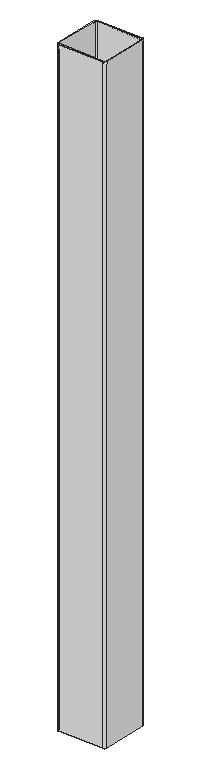
Revit family "SHS-Square Hollow Section-Column", category 구조 기둥, Revit 2026
Family settings
  단면 모양 = 정의되지 않음
  모델 동작 재료 = 스틸
  항상 형상으로 내보내기 = 아니오
  평면의 보 전환 = 경계 상자에서
  로드될 때 보이드를 사용하여 절단 = 아니오
  기호 표현 = 프로젝트 설정에서
  공유 = 아니오
  평면도에서 미리 절단된 패밀리 표시 = 예
Parameters (values of type "200x200xSHS")
  Structural Material [instance] = Metal - Steel - 345 MPa
  A = 38.70 m²
  Ix = 0
  M = 30.4
  Zx = 0
  b = 200 mm
  h = 200 mm
  tr = 2 * t  # 10 mm
  t = 5 mm
Reference planes
  plane 1 "Center (Front/Back)": y = 0
  plane 2: z = 0
  plane 3 "Center (Left/Right)": x = 0
  plane 4: x = -100
  plane 5: x = 100
  plane 6: y = 100
  plane 7: y = -100
  plane 8: x = -90
  plane 9: y = -90
  plane 10: y = 90
  plane 11: x = 90
Forms (mm)
  Extrusion 1, solid, material "Metal - Steel - 345 MPa" <- "Structural Material", detail levels medium
    sketch origin (0, 0, 0) x (1, 0, 0) y (0, 1, 0)
      loop
        line (-100, 100) -> (-100, -100) -> (100, -100) -> (100, 100) -> (-100, 100)
      loop
        line (-95, 95) -> (-95, -95) -> (95, -95) -> (95, 95) -> (-95, 95)
    from 0 to 2500
  Extrusion 2, solid, material "Metal - Steel - 345 MPa" <- "Structural Material", detail levels fine
    sketch origin (0, 0, 0) x (1, 0, 0) y (0, 1, 0)
      loop
        arc (-90, 100) -> (-97.071, 97.071) -> (-100, 90) r 10
        line (-100, 90) -> (-100, -90)
        arc (-100, -90) -> (-97.071, -97.071) -> (-90, -100) r 10
        line (-90, -100) -> (90, -100)
        arc (90, -100) -> (97.071, -97.071) -> (100, -90) r 10
        line (100, -90) -> (100, 90)
        arc (100, 90) -> (97.071, 97.071) -> (90, 100) r 10
        line (90, 100) -> (-90, 100)
      loop
        arc (-90, 95) -> (-93.536, 93.536) -> (-95, 90) r 5
        line (-95, 90) -> (-95, -90)
        arc (-95, -90) -> (-93.536, -93.536) -> (-90, -95) r 5
        line (-90, -95) -> (90, -95)
        arc (90, -95) -> (93.536, -93.536) -> (95, -90) r 5
        line (95, -90) -> (95, 90)
        arc (95, 90) -> (93.536, 93.536) -> (90, 95) r 5
        line (90, 95) -> (-90, 95)
    from 0 to 2500
Lines and regions (mm)
  symbolic lines, style "StructuralColumnStickSymbols", detail levels coarse
    curve 1: line (-100, 100, 0) -> (100, 100, 0)
    curve 2: line (-100, -100, 0) -> (100, -100, 0)
    curve 5: line (-100, 100, 0) -> (-100, -100, 0)
    curve 6: line (100, 100, 0) -> (100, -100, 0)
  symbolic lines, style "Hidden Faces", detail levels medium+fine
    curve 3: line (-95, 0, 0) -> (-95, 0, 2500)
    curve 4: line (95, 0, 2500) -> (95, 0, 0)
Dimensions and locks
  equal spacing: plane 4, plane 3 "Center (Left/Right)", plane 5
  equal spacing: plane 7, plane 1 "Center (Front/Back)", plane 6
  "h": plane 7 to plane 6
  "b": plane 4 to plane 5
  "t": Extrusion 1 sketch curve to plane 5
  "t": plane 4 to Extrusion 1 sketch curve
  "t": Extrusion 1 sketch curve to plane 6
  "t": Extrusion 1 sketch curve to plane 7
  "t": Extrusion 2 sketch curve to plane 6
  "t": Extrusion 2 sketch curve to plane 5
  "t": plane 4 to Extrusion 2 sketch curve
  "t": Extrusion 2 sketch curve to plane 7
  "tr": plane 10 to plane 6
  "tr": plane 7 to plane 9
  "tr": plane 11 to plane 5
  "tr": plane 4 to plane 8
  aligned and locked: plane 6 to Extrusion 1 sketch curve
  aligned and locked: Extrusion 1 sketch curve to plane 7
  aligned and locked: Extrusion 1 sketch curve to plane 4
  aligned and locked: plane 5 to Extrusion 1 sketch curve
  aligned and locked: level to Extrusion 1
  aligned and locked: level to plane 2
  aligned and locked: Extrusion 1 to plane 2
  aligned and locked: curve 1 to Extrusion 2 sketch curve
  aligned and locked: Extrusion 2 sketch curve to Extrusion 1
  aligned and locked: level to Extrusion 2
  aligned and locked: curve 4 to Extrusion 2
  aligned and locked: curve 3 to Extrusion 2
Automatic sketch dimensions
  Extrusion 2 sketch curve to plane 8 = 0 mm  (x4)
  Extrusion 2 sketch curve to plane 7 = 0 mm
  Extrusion 2 sketch curve to plane 11 = 0 mm
  Extrusion 2 sketch curve to plane 10 = 0 mm  (x2)
  Extrusion 2 sketch curve to plane 9 = 0 mm  (x2)
  curve 3 to level = 0 mm  (x2)
  curve 4 to level = 0 mm  (x2)
  curve 5 to plane 4 = 0 mm
  curve 2 to plane 5 = 0 mm
  curve 5 to plane 7 = 0 mm
  curve 5 to plane 6 = 0 mm
